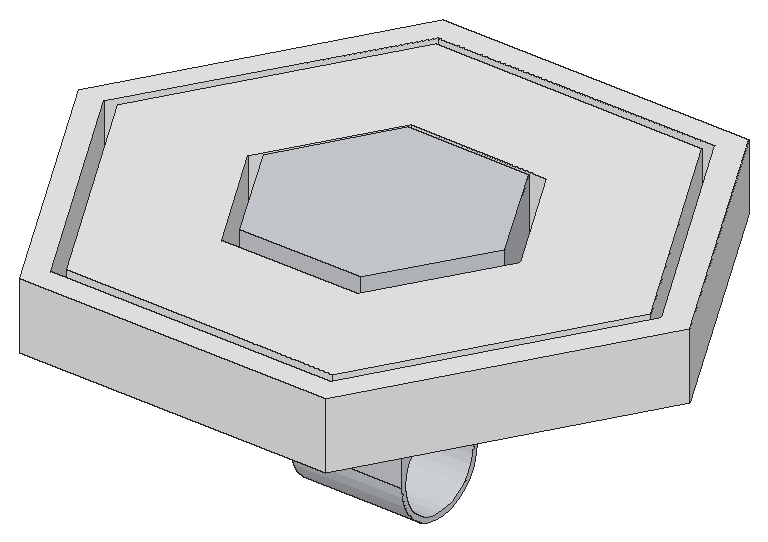
Revit family "Lighting-Industriale-GEWISS-ESALITE-HB-APPARECCHI-LED_6K_DALI", category Apparecchi per illuminazione, host Superficie, Revit 2019
Family settings
  Host = Superficie
  Quota connettore circolare = Usa diametro
  Tipo di parte = Normale
  Taglio con vuoti quando caricato = No
  Sorgente d'illuminazione = No
  Condiviso = No
  Punto di calcolo locali = Sì
Parameters (values of type "GWS6315GD57K - ESALITE 6K ELL.5700K PLAF.+V.GR.DALI")
  Versioni = "Luce fredda 5700K"
  Versione file RFA = "20.11"
  VISIBILITA' SIMBOLO [instance] = yes
  VISIBILITA' LAMPADA PIANTA [instance] = not(VISIBILITA' SIMBOLO)  # no
  VISIBILITA' ETICHETTA [instance] = yes
  V = 0 V
  URL = "https://www.gewiss.com/it/it"
  Tipo alimentatore = "Driver Led Dali"
  Tensione = "220/240 V - 50/60 Hz"
  Temperatura di utilizzo = "-30 +50 °C"
  Temperatura di colore: = "5700 K (CRI>80)"
  Spostamento_y_effettivo_ET [instance] = 4000 mm - Spostamento_y_ET  # 2119.2 mm
  Spostamento_y_ET [instance] = 1880.8 mm
  Spostamento_X_effettivo_ET [instance] = 4000 mm - Spostamento_X_ET  # 3850.612 mm
  Spostamento_X_ET [instance] = 149.388 mm
  Schermo = "Vetro temprato"
  Scheda Tecnica = "https://www.gewiss.com/it/it/search?q=GWS6315GD57K"
  SEO = "High bay"
  Resistenza alle sovratensioni : = "8KV in modalità comune; 6KV in modalità differenziale"
  Resistenza agli urti = "IK08"
  Default Elevation = 1219.2 mm
  Produttore = "GEWISS S.p.A."
  Potenza di sitema = "Wxxx"
  Potenza di sistema = "52W"
  Peso (kg): = "3,3"
  Ottica = "Ellittica"
  Numero poli = 1
  Modello = "GWS6315GD57K"
  Lumen output (lm) = "5800"
  Life time L90B10 (Tq 50Â°C) = "55000H"
  Life time L90B10 (Tq 25Â°C) = "100000H"
  Lampada: = "LED - Non sostituibile"
  Immagine tipo = ESALITE_HB.jpg
  IDT = "4d8779e2af08483e8a51b0a9ca884da2"
  IDF = "02b7e236-20be-48c9-b837-34258f636f9d"
  Grado di protezione = "IP66"
  Garanzia = "5 anni"
  Flusso nominale (lm) = "7200"
  Descrizione = "ESALITE 6K ELL.5700K PLAF.+V.GR.DALI"
  Creato da GEWISS S.p.A. = ""
  Corrente di pilotaggio. = "0,599999999999999A"
  Colore = "Grigio RAL 9006"
  Codice Electrocod = "2444"
  Classe isolamento = "I"
  Classe di efficienza LED integrati = "A ÷ A++"
  Catalogo Serie = "ESALITE HB - 6K"
  Catalogo = "LIGHTING"
  COBie.Tagnumber = ""
  COBie.CreatedOn = ""
  COBie.CreatebBy = ""
  COBie.ComponentRegisterItemID = ""
  COBie.Component.TagNumber = ""
  COBie.Component.Space = ""
  COBie.Component.SerialNumber = ""
  COBie.Component.InstallationDate = ""
  COBie.Component.Description = ""
  COBie.Component.BarCode = ""
  Applicazione = "Interno / Esterno"
Types (24, lengths in mm): name | Versioni | Temperatura di colore: | Schermo | Scheda Tecnica | Resistenza agli urti | Peso (kg): | Ottica | Modello | Lumen output (lm) | IDT | Grado di protezione | Flusso nominale (lm) | Descrizione | Applicazione
  GWS6012GD - ESALITE 6K 30° 4000K PLAF.GR.DALI | "Luce naturale 4000K" | "4000 K (CRI>80)" | "Plastico" | "https://www.gewiss.com/it/it/search?q=GWS6012GD" | "IK06" | "2,8" | "30°" | "GWS6012GD" | "6200" | "73c19028dbc94b82a348f0568c9a15e9" | "IP65" | "7200" | "ESALITE 6K 30° 4000K PLAF.GR.DALI" | "Interno"
  GWS6012GD30K - ESALITE 6K 30° 3000K PLAF.GR.DALI | "Luce calda 3000K" | "3000 K (CRI>80)" | "Plastico" | "https://www.gewiss.com/it/it/search?q=GWS6012GD30K" | "IK06" | "2,8" | "30°" | "GWS6012GD30K" | "5800" | "bea11751f73641328b7be69d8ca950c6" | "IP65" | "6700" | "ESALITE 6K 30° 3000K PLAF.GR.DALI" | "Interno"
  GWS6012GD57K - ESALITE 6K 30° 5700K PLAF.GR.DALI | "Luce fredda 5700K" | "5700 K (CRI>80)" | "Plastico" | "https://www.gewiss.com/it/it/search?q=GWS6012GD57K" | "IK06" | "2,8" | "30°" | "GWS6012GD57K" | "6200" | "e4cff4df486f4570b58f3775d36680ae" | "IP65" | "7200" | "ESALITE 6K 30° 5700K PLAF.GR.DALI" | "Interno"
  GWS6013GD - ESALITE 6K 60° 4000K PLAF.GR.DALI | "Luce naturale 4000K" | "4000 K (CRI>80)" | "Plastico" | "https://www.gewiss.com/it/it/search?q=GWS6013GD" | "IK06" | "2,8" | "60°" | "GWS6013GD" | "6400" | "9cd18d9bfe5e4924893e0f6398dc7e27" | "IP65" | "7200" | "ESALITE 6K 60° 4000K PLAF.GR.DALI" | "Interno"
  GWS6013GD30K - ESALITE 6K 60° 3000K PLAF.GR.DALI | "Luce calda 3000K" | "3000 K (CRI>80)" | "Plastico" | "https://www.gewiss.com/it/it/search?q=GWS6013GD30K" | "IK06" | "2,8" | "60°" | "GWS6013GD30K" | "5900" | "f608fa81827d4ff69e53b2c02cf3d2b9" | "IP65" | "6700" | "ESALITE 6K 60° 3000K PLAF.GR.DALI" | "Interno"
  GWS6013GD57K - ESALITE 6K 60° 5700K PLAF.GR.DALI | "Luce fredda 5700K" | "5700 K (CRI>80)" | "Plastico" | "https://www.gewiss.com/it/it/search?q=GWS6013GD57K" | "IK06" | "2,8" | "60°" | "GWS6013GD57K" | "6400" | "7afd021f4a324bc9b351ac7d542c4d59" | "IP65" | "7200" | "ESALITE 6K 60° 5700K PLAF.GR.DALI" | "Interno"
  GWS6014GD - ESALITE 6K 90° 4000K PLAF.GR.DALI | "Luce naturale 4000K" | "4000 K (CRI>80)" | "Plastico" | "https://www.gewiss.com/it/it/search?q=GWS6014GD" | "IK06" | "2,8" | "90°" | "GWS6014GD" | "6700" | "2c7c6ca793514eb68b4ea953368a1f5a" | "IP65" | "7200" | "ESALITE 6K 90° 4000K PLAF.GR.DALI" | "Interno"
  GWS6014GD30K - ESALITE 6K 90° 3000K PLAF.GR.DALI | "Luce calda 3000K" | "3000 K (CRI>80)" | "Plastico" | "https://www.gewiss.com/it/it/search?q=GWS6014GD30K" | "IK06" | "2,8" | "90°" | "GWS6014GD30K" | "6300" | "ad588380814d4b23b31fea01068ae0d5" | "IP65" | "6700" | "ESALITE 6K 90° 3000K PLAF.GR.DALI" | "Interno"
  GWS6014GD57K - ESALITE 6K 90° 5700K PLAF.GR.DALI | "Luce fredda 5700K" | "5700 K (CRI>80)" | "Plastico" | "https://www.gewiss.com/it/it/search?q=GWS6014GD57K" | "IK06" | "2,8" | "90°" | "GWS6014GD57K" | "6700" | "8c05374fbe064c3aa460c2f60d5248ee" | "IP65" | "7200" | "ESALITE 6K 90° 5700K PLAF.GR.DALI" | "Interno"
  GWS6015GD - ESALITE 6K ELL.4000K PLAF.GR.DALI | "Luce naturale 4000K" | "4000 K (CRI>80)" | "Plastico" | "https://www.gewiss.com/it/it/search?q=GWS6015GD" | "IK06" | "2,8" | "Ellittica" | "GWS6015GD" | "6400" | "f4fc882ed6ce46a39d865f8a7c775a86" | "IP65" | "7200" | "ESALITE 6K ELL.4000K PLAF.GR.DALI" | "Interno"
  GWS6015GD30K - ESALITE 6K ELL.3000K PLAF.GR.DALI | "Luce calda 3000K" | "3000 K (CRI>80)" | "Plastico" | "https://www.gewiss.com/it/it/search?q=GWS6015GD30K" | "IK06" | "2,8" | "Ellittica" | "GWS6015GD30K" | "5900" | "ace9b6457bf64c5b8e9d9a153b68026c" | "IP65" | "6700" | "ESALITE 6K ELL.3000K PLAF.GR.DALI" | "Interno"
  GWS6015GD57K - ESALITE 6K ELL.5700K PLAF.GR.DALI | "Luce fredda 5700K" | "5700 K (CRI>80)" | "Plastico" | "https://www.gewiss.com/it/it/search?q=GWS6015GD57K" | "IK06" | "2,8" | "Ellittica" | "GWS6015GD57K" | "6400" | "f1e39ffbad6b49d49f6aeeb9b99ad004" | "IP65" | "7200" | "ESALITE 6K ELL.5700K PLAF.GR.DALI" | "Interno"
  GWS6312GD - ESALITE 6K 30° 4000K PLAF.+V.GR.DALI | "Luce naturale 4000K" | "4000 K (CRI>80)" | "Vetro temprato" | "https://www.gewiss.com/it/it/search?q=GWS6312GD" | "IK08" | "3,3" | "30°" | "GWS6312GD" | "5700" | "b4a4b0c7fb7446b282317a2b86bf5921" | "IP66" | "7200" | "ESALITE 6K 30° 4000K PLAF.+V.GR.DALI" | "Interno / Esterno"
  GWS6312GD30K - ESALITE 6K 30° 3000K PLAF.+V.GR.DALI | "Luce calda 3000K" | "3000 K (CRI>80)" | "Vetro temprato" | "https://www.gewiss.com/it/it/search?q=GWS6312GD30K" | "IK08" | "3,3" | "30°" | "GWS6312GD30K" | "5300" | "7c9a42cc1972426194a584217ae262f4" | "IP66" | "6700" | "ESALITE 6K 30° 3000K PLAF.+V.GR.DALI" | "Interno / Esterno"
  GWS6312GD57K - ESALITE 6K 30° 5700K PLAF.+V.GR.DALI | "Luce fredda 5700K" | "5700 K (CRI>80)" | "Vetro temprato" | "https://www.gewiss.com/it/it/search?q=GWS6312GD57K" | "IK08" | "3,3" | "30°" | "GWS6312GD57K" | "5700" | "3b20571346f94faca0de53346e886aa6" | "IP66" | "7200" | "ESALITE 6K 30° 5700K PLAF.+V.GR.DALI" | "Interno / Esterno"
  GWS6313GD - ESALITE 6K 60° 4000K PLAF.+V.GR.DALI | "Luce naturale 4000K" | "4000 K (CRI>80)" | "Vetro temprato" | "https://www.gewiss.com/it/it/search?q=GWS6313GD" | "IK08" | "3,3" | "60°" | "GWS6313GD" | "5800" | "02692419c308444ca1a6fc587d6ce551" | "IP66" | "7200" | "ESALITE 6K 60° 4000K PLAF.+V.GR.DALI" | "Interno / Esterno"
  GWS6313GD30K - ESALITE 6K 60° 3000K PLAF.+V.GR.DALI | "Luce calda 3000K" | "3000 K (CRI>80)" | "Vetro temprato" | "https://www.gewiss.com/it/it/search?q=GWS6313GD30K" | "IK08" | "3,3" | "60°" | "GWS6313GD30K" | "5400" | "b1a6307acd3e4e2789469d5a20cf6364" | "IP66" | "6700" | "ESALITE 6K 60° 3000K PLAF.+V.GR.DALI" | "Interno / Esterno"
  GWS6313GD57K - ESALITE 6K 60° 5700K PLAF.+V.GR.DALI | "Luce fredda 5700K" | "5700 K (CRI>80)" | "Vetro temprato" | "https://www.gewiss.com/it/it/search?q=GWS6313GD57K" | "IK08" | "3,3" | "60°" | "GWS6313GD57K" | "5800" | "c0a306202654472ca12fb25180d2e505" | "IP66" | "7200" | "ESALITE 6K 60° 5700K PLAF.+V.GR.DALI" | "Interno / Esterno"
  GWS6314GD - ESALITE 6K 90° 4000K PLAF.+V.GR.DALI | "Luce naturale 4000K" | "4000 K (CRI>80)" | "Vetro temprato" | "https://www.gewiss.com/it/it/search?q=GWS6314GD" | "IK08" | "3,3" | "90°" | "GWS6314GD" | "6200" | "09a6e31462824c5fb0901eaf141b1a32" | "IP66" | "7200" | "ESALITE 6K 90° 4000K PLAF.+V.GR.DALI" | "Interno / Esterno"
  GWS6314GD30K - ESALITE 6K 90° 3000K PLAF.+V.GR.DALI | "Luce calda 3000K" | "3000 K (CRI>80)" | "Vetro temprato" | "https://www.gewiss.com/it/it/search?q=GWS6314GD30K" | "IK08" | "3,3" | "90°" | "GWS6314GD30K" | "5800" | "00359801d5ff4ecaaffd207533b30f8e" | "IP66" | "6700" | "ESALITE 6K 90° 3000K PLAF.+V.GR.DALI" | "Interno / Esterno"
  GWS6314GD57K - ESALITE 6K 90° 5700K PLAF.+V.GR.DALI | "Luce fredda 5700K" | "5700 K (CRI>80)" | "Vetro temprato" | "https://www.gewiss.com/it/it/search?q=GWS6314GD57K" | "IK08" | "3,3" | "90°" | "GWS6314GD57K" | "6200" | "230ddf7f009346bab518bc119de9083b" | "IP66" | "7200" | "ESALITE 6K 90° 5700K PLAF.+V.GR.DALI" | "Interno / Esterno"
  GWS6315GD - ESALITE 6K ELL.4000K PLAF.+V.GR.DALI | "Luce naturale 4000K" | "4000 K (CRI>80)" | "Vetro temprato" | "https://www.gewiss.com/it/it/search?q=GWS6315GD" | "IK08" | "3,3" | "Ellittica" | "GWS6315GD" | "5800" | "6b1e3e5d26b54aec9de38812bbbac03b" | "IP66" | "7200" | "ESALITE 6K ELL.4000K PLAF.+V.GR.DALI" | "Interno / Esterno"
  GWS6315GD30K - ESALITE 6K ELL.3000K PLAF.+V.GR.DALI | "Luce calda 3000K" | "3000 K (CRI>80)" | "Vetro temprato" | "https://www.gewiss.com/it/it/search?q=GWS6315GD30K" | "IK08" | "3,3" | "Ellittica" | "GWS6315GD30K" | "5400" | "3334147de7874e6dac192efd07e69444" | "IP66" | "6700" | "ESALITE 6K ELL.3000K PLAF.+V.GR.DALI" | "Interno / Esterno"
  GWS6315GD57K - ESALITE 6K ELL.5700K PLAF.+V.GR.DALI | "Luce fredda 5700K" | "5700 K (CRI>80)" | "Vetro temprato" | "https://www.gewiss.com/it/it/search?q=GWS6315GD57K" | "IK08" | "3,3" | "Ellittica" | "GWS6315GD57K" | "5800" | "4d8779e2af08483e8a51b0a9ca884da2" | "IP66" | "7200" | "ESALITE 6K ELL.5700K PLAF.+V.GR.DALI" | "Interno / Esterno"
Reference planes
  plane 1 "Centro (Fronte/Retro)": y = 0
  plane 2: z = 0
  plane 3 "Centro (Sinistra/Destra)": x = 0
  plane 4: z = 123
  plane 5: x = 0
  plane 6: x = -3850.612
  plane 7: y = -2119.2
  plane 8: y = 0
  plane 9: through (-1779.2, -702.001, 1219.2) normal (0.4695, 0.8829, 0)
  plane 10: through (203.705, -1575.119, 1219.2) normal (-0.866, 0.5, 0)
Lines and regions (mm)
  Masking region 1, visible <- "VISIBILITA' LAMPADA PIANTA", detail levels coarse
    outline origin (0, 0, 0) x (1, 0, 0) y (0, 1, 0)
      loop
        line (-72.712, 126.226) -> (-145.481, 0.185) -> (-72.712, -125.856) -> (72.828, -125.856) -> (145.598, 0.185) -> (72.828, 126.226) -> (-72.712, 126.226)
      loop
        line (28.409, 49.29) -> (-28.293, 49.29) -> (-56.644, 0.185) -> (-28.293, -48.92) -> (28.409, -48.92) -> (56.76, 0.185) -> (28.409, 49.29)
  symbolic lines, visible <- "VISIBILITA' LAMPADA PIANTA"
    curve 1: line (-119.11, 0.185, 0) -> (-59.526, 103.387, 0)
    curve 2: line (-59.526, -103.017, 0) -> (-119.11, 0.185, 0)
    curve 3: line (59.642, -103.017, 0) -> (-59.526, -103.017, 0)
    curve 4: line (119.226, 0.185, 0) -> (59.642, -103.017, 0)
    curve 5: line (59.642, 103.387, 0) -> (119.226, 0.185, 0)
    curve 6: line (-130.677, -0.815, 0) -> (-66.175, -112.535, 0)
    curve 7: line (-66.175, -112.535, 0) -> (65.138, -112.535, 0)
    curve 8: line (-130.677, -0.815, 0) -> (-65.021, 112.905, 0)
    curve 9: line (-65.021, 112.905, 0) -> (65.136, 112.905, 0)
    curve 10: line (130.216, 0.184, 0) -> (65.136, 112.905, 0)
    curve 11: line (-59.526, 103.387, 0) -> (59.642, 103.387, 0)
    curve 12: line (65.138, -112.535, 0) -> (130.216, 0.184, 0)
    curve 13: arc (-42.371, 48.747, 0) -> (-51.904, 58.28, 0) -> (-61.437, 48.747, 0) r 9.533
    curve 14: arc (-61.437, 48.747, 0) -> (-51.904, 39.214, 0) -> (-42.371, 48.747, 0) r 9.533
    curve 15: arc (-58.446, 20.905, 0) -> (-67.979, 30.438, 0) -> (-77.512, 20.905, 0) r 9.533
    curve 16: arc (-77.512, 20.905, 0) -> (-67.979, 11.372, 0) -> (-58.446, 20.905, 0) r 9.533
    curve 17: arc (-85.975, 44.352, 0) -> (-76.442, 34.819, 0) -> (-66.909, 44.352, 0) r 9.533
    curve 18: arc (-66.909, 44.352, 0) -> (-76.442, 53.885, 0) -> (-85.975, 44.352, 0) r 9.533
    curve 19: arc (-82.984, 16.51, 0) -> (-92.517, 26.043, 0) -> (-102.05, 16.51, 0) r 9.533
    curve 20: arc (-102.05, 16.51, 0) -> (-92.517, 6.977, 0) -> (-82.984, 16.51, 0) r 9.533
    curve 21: arc (-69.9, 72.195, 0) -> (-60.367, 62.662, 0) -> (-50.834, 72.195, 0) r 9.533
    curve 22: arc (-50.834, 72.195, 0) -> (-60.367, 81.728, 0) -> (-69.9, 72.195, 0) r 9.533
    curve 23: arc (42.371, 48.747, 0) -> (51.904, 58.28, 0) -> (61.437, 48.747, 0) r 9.533
    curve 24: arc (61.437, 48.747, 0) -> (51.904, 39.214, 0) -> (42.371, 48.747, 0) r 9.533
    curve 25: arc (58.446, 20.905, 0) -> (67.979, 30.438, 0) -> (77.512, 20.905, 0) r 9.533
    curve 26: arc (77.512, 20.905, 0) -> (67.979, 11.372, 0) -> (58.446, 20.905, 0) r 9.533
    curve 27: arc (85.975, 44.352, 0) -> (76.442, 34.819, 0) -> (66.909, 44.352, 0) r 9.533
    curve 28: arc (66.909, 44.352, 0) -> (76.442, 53.885, 0) -> (85.975, 44.352, 0) r 9.533
    curve 29: arc (82.984, 16.51, 0) -> (92.517, 26.043, 0) -> (102.05, 16.51, 0) r 9.533
    curve 30: arc (102.05, 16.51, 0) -> (92.517, 6.977, 0) -> (82.984, 16.51, 0) r 9.533
    curve 31: arc (69.9, 72.195, 0) -> (60.367, 62.662, 0) -> (50.834, 72.195, 0) r 9.533
    curve 32: arc (50.834, 72.195, 0) -> (60.367, 81.728, 0) -> (69.9, 72.195, 0) r 9.533
    curve 33: arc (-41.625, 88.52, 0) -> (-32.092, 78.987, 0) -> (-22.559, 88.52, 0) r 9.533
    curve 34: arc (-22.559, 88.52, 0) -> (-32.092, 98.053, 0) -> (-41.625, 88.52, 0) r 9.533
    curve 35: arc (-6.484, 69.467, 0) -> (-16.017, 79, 0) -> (-25.55, 69.467, 0) r 9.533
    curve 36: arc (-25.55, 69.467, 0) -> (-16.017, 59.934, 0) -> (-6.484, 69.467, 0) r 9.533
    curve 37: arc (-9.475, 88.52, 0) -> (0.058, 78.987, 0) -> (9.591, 88.52, 0) r 9.533
    curve 38: arc (9.591, 88.52, 0) -> (0.058, 98.053, 0) -> (-9.475, 88.52, 0) r 9.533
    curve 39: arc (25.666, 69.467, 0) -> (16.133, 79, 0) -> (6.6, 69.467, 0) r 9.533
    curve 40: arc (6.6, 69.467, 0) -> (16.133, 59.934, 0) -> (25.666, 69.467, 0) r 9.533
    curve 41: arc (22.675, 88.52, 0) -> (32.208, 78.987, 0) -> (41.741, 88.52, 0) r 9.533
    curve 42: arc (41.741, 88.52, 0) -> (32.208, 98.053, 0) -> (22.675, 88.52, 0) r 9.533
    curve 43: arc (-41.625, -88.52, 0) -> (-32.092, -78.987, 0) -> (-22.559, -88.52, 0) r 9.533
    curve 44: arc (-22.559, -88.52, 0) -> (-32.092, -98.053, 0) -> (-41.625, -88.52, 0) r 9.533
    curve 45: arc (-6.484, -69.467, 0) -> (-16.017, -79, 0) -> (-25.55, -69.467, 0) r 9.533
    curve 46: arc (-25.55, -69.467, 0) -> (-16.017, -59.934, 0) -> (-6.484, -69.467, 0) r 9.533
    curve 47: arc (-9.475, -88.52, 0) -> (0.058, -78.987, 0) -> (9.591, -88.52, 0) r 9.533
    curve 48: arc (9.591, -88.52, 0) -> (0.058, -98.053, 0) -> (-9.475, -88.52, 0) r 9.533
    curve 49: arc (25.666, -69.467, 0) -> (16.133, -79, 0) -> (6.6, -69.467, 0) r 9.533
    curve 50: arc (6.6, -69.467, 0) -> (16.133, -59.934, 0) -> (25.666, -69.467, 0) r 9.533
    curve 51: arc (22.675, -88.52, 0) -> (32.208, -78.987, 0) -> (41.741, -88.52, 0) r 9.533
    curve 52: arc (41.741, -88.52, 0) -> (32.208, -98.053, 0) -> (22.675, -88.52, 0) r 9.533
    curve 53: line (59.642, -103.387, 0) -> (119.226, -0.185, 0)
    curve 54: line (130.216, -0.184, 0) -> (65.136, -112.905, 0)
    curve 55: arc (-42.371, -48.747, 0) -> (-51.904, -58.28, 0) -> (-61.437, -48.747, 0) r 9.533
    curve 56: arc (-61.437, -48.747, 0) -> (-51.904, -39.214, 0) -> (-42.371, -48.747, 0) r 9.533
    curve 57: arc (-58.446, -20.905, 0) -> (-67.979, -30.438, 0) -> (-77.512, -20.905, 0) r 9.533
    curve 58: arc (-77.512, -20.905, 0) -> (-67.979, -11.372, 0) -> (-58.446, -20.905, 0) r 9.533
    curve 59: arc (-85.975, -44.352, 0) -> (-76.442, -34.819, 0) -> (-66.909, -44.352, 0) r 9.533
    curve 60: arc (-66.909, -44.352, 0) -> (-76.442, -53.885, 0) -> (-85.975, -44.352, 0) r 9.533
    curve 61: arc (-82.984, -16.51, 0) -> (-92.517, -26.043, 0) -> (-102.05, -16.51, 0) r 9.533
    curve 62: arc (-102.05, -16.51, 0) -> (-92.517, -6.977, 0) -> (-82.984, -16.51, 0) r 9.533
    curve 63: arc (-69.9, -72.195, 0) -> (-60.367, -62.662, 0) -> (-50.834, -72.195, 0) r 9.533
    curve 64: arc (-50.834, -72.195, 0) -> (-60.367, -81.728, 0) -> (-69.9, -72.195, 0) r 9.533
    curve 65: arc (42.371, -48.747, 0) -> (51.904, -58.28, 0) -> (61.437, -48.747, 0) r 9.533
    curve 66: arc (61.437, -48.747, 0) -> (51.904, -39.214, 0) -> (42.371, -48.747, 0) r 9.533
    curve 67: arc (58.446, -20.905, 0) -> (67.979, -30.438, 0) -> (77.512, -20.905, 0) r 9.533
    curve 68: arc (77.512, -20.905, 0) -> (67.979, -11.372, 0) -> (58.446, -20.905, 0) r 9.533
    curve 69: arc (85.975, -44.352, 0) -> (76.442, -34.819, 0) -> (66.909, -44.352, 0) r 9.533
    curve 70: arc (66.909, -44.352, 0) -> (76.442, -53.885, 0) -> (85.975, -44.352, 0) r 9.533
    curve 71: arc (82.984, -16.51, 0) -> (92.517, -26.043, 0) -> (102.05, -16.51, 0) r 9.533
    curve 72: arc (102.05, -16.51, 0) -> (92.517, -6.977, 0) -> (82.984, -16.51, 0) r 9.533
    curve 73: arc (69.9, -72.195, 0) -> (60.367, -62.662, 0) -> (50.834, -72.195, 0) r 9.533
    curve 74: arc (50.834, -72.195, 0) -> (60.367, -81.728, 0) -> (69.9, -72.195, 0) r 9.533
    curve 75: line (0, -124.529, 121.346) -> (0, 123.553, 121.346)
    curve 76: line (0, -124.529, 90.346) -> (0, -124.529, 121.346)
    curve 77: line (0, 123.553, 90.346) -> (0, -124.529, 90.346)
    curve 78: line (0, 123.553, 121.346) -> (0, 123.553, 90.346)
    curve 79: line (0, -49.593, 90.346) -> (0, 48.617, 90.346)
    curve 80: line (0, -49.593, 56.346) -> (0, -49.593, 90.346)
    curve 81: line (0, 48.617, 56.346) -> (0, -49.593, 56.346)
    curve 82: line (0, 48.617, 90.346) -> (0, 48.617, 56.346)
    curve 83: line (0, -22.673, 56.346) -> (0, -22.673, 22.757)
    curve 84: line (0, 21.327, 22.757) -> (0, 21.327, 56.346)
    curve 85: arc (0, -22.673, 22.757) -> (0, -0.673, 0.757) -> (0, 21.327, 22.757) r 22
    curve 86: arc (0, -20.673, 22.757) -> (0, -0.673, 42.757) -> (0, 19.327, 22.757) r 20
    curve 87: arc (0, 19.327, 22.757) -> (0, -0.673, 2.757) -> (0, -20.673, 22.757) r 20
    curve 101: line (-143.172, 0, 118.589) -> (143.288, 0, 118.589)
    curve 102: line (-143.172, 0, 87.589) -> (-143.172, 0, 118.589)
    curve 103: line (143.288, 0, 87.589) -> (-143.172, 0, 87.589)
    curve 104: line (143.288, 0, 118.589) -> (143.288, 0, 87.589)
    curve 105: line (-56.644, 0, 87.589) -> (56.76, 0, 87.589)
    curve 106: line (-56.644, 0, 53.589) -> (-56.644, 0, 87.589)
    curve 107: line (56.76, 0, 53.589) -> (-56.644, 0, 53.589)
    curve 108: line (56.76, 0, 87.589) -> (56.76, 0, 53.589)
    curve 109: line (-28.293, 0, 53.589) -> (26.009, 0, 53.589)
    curve 110: line (-28.293, 0, 0) -> (-28.293, 0, 53.589)
    curve 111: line (26.009, 0, 0) -> (-28.293, 0, 0)
    curve 112: line (26.009, 0, 53.589) -> (26.009, 0, 0)
  symbolic lines, visible <- "VISIBILITA' LAMPADA PIANTA", not visible
    curve 88: line (0, -302.901, 298.372) -> (0, -54.819, 298.372)
    curve 89: line (0, -302.901, 267.372) -> (0, -302.901, 298.372)
    curve 90: line (0, -54.819, 267.372) -> (0, -302.901, 267.372)
    curve 91: line (0, -54.819, 298.372) -> (0, -54.819, 267.372)
    curve 92: line (0, -227.965, 267.372) -> (0, -129.755, 267.372)
    curve 93: line (0, -227.965, 233.372) -> (0, -227.965, 267.372)
    curve 94: line (0, -129.755, 233.372) -> (0, -227.965, 233.372)
    curve 95: line (0, -129.755, 267.372) -> (0, -129.755, 233.372)
    curve 96: line (0, -201.045, 233.372) -> (0, -201.045, 199.783)
    curve 97: line (0, -157.045, 199.783) -> (0, -157.045, 233.372)
    curve 98: arc (0, -201.045, 199.783) -> (0, -179.045, 177.783) -> (0, -157.045, 199.783) r 22
    curve 99: arc (0, -199.045, 199.783) -> (0, -179.045, 219.783) -> (0, -159.045, 199.783) r 20
    curve 100: arc (0, -159.045, 199.783) -> (0, -179.045, 179.783) -> (0, -199.045, 199.783) r 20
    curve 113: line (137.075, 0, 294.646) -> (423.535, 0, 294.646)
    curve 114: line (137.075, 0, 263.646) -> (137.075, 0, 294.646)
    curve 115: line (423.535, 0, 263.646) -> (137.075, 0, 263.646)
    curve 116: line (423.535, 0, 294.646) -> (423.535, 0, 263.646)
    curve 117: line (223.603, 0, 263.646) -> (337.007, 0, 263.646)
    curve 118: line (223.603, 0, 229.646) -> (223.603, 0, 263.646)
    curve 119: line (337.007, 0, 229.646) -> (223.603, 0, 229.646)
    curve 120: line (337.007, 0, 263.646) -> (337.007, 0, 229.646)
    curve 121: line (251.954, 0, 229.646) -> (306.255, 0, 229.646)
    curve 122: line (251.954, 0, 176.057) -> (251.954, 0, 229.646)
    curve 123: line (306.255, 0, 176.057) -> (251.954, 0, 176.057)
    curve 124: line (306.255, 0, 229.646) -> (306.255, 0, 176.057)
Text (mm)
  text "B-A=C" at (-2005.323, -1167.131, 0), in view "Livello rif."
  text "D+A-C=B" at (1746.792, 582.509, 0), in view "Livello rif."
Dimensions and locks
  "Spostamento_X_effettivo_ET": plane 6 to plane 5
  plane 6 to plane 3 "Centro (Sinistra/Destra)" = 3850.612 mm
  "Spostamento_y_effettivo_ET": plane 8 to plane 7
  plane 1 "Centro (Fronte/Retro)" to plane 7 = 2119.2 mm
  angle plane 9 to plane 7 = 28.00°
  angle plane 7 to plane 6 = 90.00°
  aligned and locked: plane 2 to host face
  aligned and locked: level to host face
  aligned and locked: plane 3 "Centro (Sinistra/Destra)" to nested 1
  aligned and locked: plane 1 "Centro (Fronte/Retro)" to nested 1
  aligned and locked: plane 5 to nested 2
  aligned and locked: nested 2 to plane 8
Automatic sketch dimensions
  host sketch curve to host sketch curve = 2438.4 mm  (x2)
  Masking region 1 sketch curve to plane 1 "Centro (Fronte/Retro)" = 0.185 mm  (x4)
  Masking region 1 sketch curve to plane 3 "Centro (Sinistra/Destra)" = 145.481 mm
  Masking region 1 sketch curve to plane 3 "Centro (Sinistra/Destra)" = 72.712 mm  (x2)
  Masking region 1 sketch curve to plane 3 "Centro (Sinistra/Destra)" = 56.644 mm
  Masking region 1 sketch curve to plane 3 "Centro (Sinistra/Destra)" = 28.293 mm  (x2)
  plane 3 "Centro (Sinistra/Destra)" to Masking region 1 sketch curve = 28.409 mm  (x2)
  Masking region 1 sketch curve to Masking region 1 sketch curve = 28.351 mm
  plane 3 "Centro (Sinistra/Destra)" to Masking region 1 sketch curve = 72.828 mm  (x2)
  Masking region 1 sketch curve to Masking region 1 sketch curve = 88.838 mm
  plane 1 "Centro (Fronte/Retro)" to Masking region 1 sketch curve = 48.92 mm
  Masking region 1 sketch curve to Masking region 1 sketch curve = 76.936 mm  (x2)
  Masking region 1 sketch curve to plane 1 "Centro (Fronte/Retro)" = 49.29 mm
  curve 13 to curve 14 = 0 mm  (x2)
  curve 15 to curve 16 = 0 mm  (x2)
  curve 17 to curve 18 = 0 mm  (x2)
  curve 19 to curve 20 = 0 mm  (x2)
  curve 21 to curve 22 = 0 mm  (x2)
  curve 23 to curve 24 = 0 mm  (x2)
  curve 25 to curve 26 = 0 mm  (x2)
  curve 27 to curve 28 = 0 mm  (x2)
  curve 29 to curve 30 = 0 mm  (x2)
  curve 31 to curve 32 = 0 mm  (x2)
  curve 33 to curve 34 = 0 mm  (x2)
  curve 35 to curve 36 = 0 mm  (x2)
  curve 37 to curve 38 = 0 mm  (x2)
  curve 39 to curve 40 = 0 mm  (x2)
  curve 41 to curve 42 = 0 mm  (x2)
  curve 43 to curve 44 = 0 mm  (x2)
  curve 45 to curve 46 = 0 mm  (x2)
  curve 47 to curve 48 = 0 mm  (x2)
  curve 49 to curve 50 = 0 mm  (x2)
  curve 51 to curve 52 = 0 mm  (x2)
  curve 55 to curve 56 = 0 mm  (x2)
  curve 57 to curve 58 = 0 mm  (x2)
  curve 59 to curve 60 = 0 mm  (x2)
  curve 61 to curve 62 = 0 mm  (x2)
  curve 63 to curve 64 = 0 mm  (x2)
  curve 65 to curve 66 = 0 mm  (x2)
  curve 67 to curve 68 = 0 mm  (x2)
  curve 69 to curve 70 = 0 mm  (x2)
  curve 71 to curve 72 = 0 mm  (x2)
  curve 73 to curve 74 = 0 mm  (x2)
  plane 1 "Centro (Fronte/Retro)" to curve 8 = 0.815 mm
  curve 8 to plane 3 "Centro (Sinistra/Destra)" = 130.677 mm
  curve 2 to plane 1 "Centro (Fronte/Retro)" = 0.185 mm
  curve 6 to curve 2 = 11.567 mm
  curve 1 to curve 62 = 26.593 mm
  curve 1 to curve 20 = 26.593 mm
  curve 19 to curve 18 = 16.075 mm
  curve 62 to curve 60 = 16.075 mm
  curve 19 to curve 16 = 24.537 mm
  curve 62 to curve 57 = 24.537 mm
  curve 7 to plane 3 "Centro (Sinistra/Destra)" = 66.175 mm
  curve 8 to plane 3 "Centro (Sinistra/Destra)" = 65.021 mm
  curve 17 to curve 21 = 16.075 mm
  curve 59 to curve 64 = 16.075 mm
  curve 8 to curve 1 = 5.495 mm
  curve 6 to curve 3 = 6.65 mm
  curve 59 to curve 56 = 24.537 mm
  curve 17 to curve 13 = 24.537 mm
  curve 1 to curve 34 = 27.434 mm
  curve 2 to curve 43 = 27.434 mm
  curve 36 to plane 3 "Centro (Sinistra/Destra)" = 16.017 mm
  curve 46 to plane 3 "Centro (Sinistra/Destra)" = 16.017 mm
  plane 3 "Centro (Sinistra/Destra)" to curve 37 = 0.058 mm
  plane 3 "Centro (Sinistra/Destra)" to curve 47 = 0.058 mm
  plane 3 "Centro (Sinistra/Destra)" to curve 49 = 16.133 mm
  plane 3 "Centro (Sinistra/Destra)" to curve 39 = 16.133 mm
  curve 49 to curve 51 = 16.075 mm
  curve 39 to curve 42 = 16.075 mm
  curve 39 to curve 23 = 35.771 mm
  curve 49 to curve 65 = 35.771 mm
  curve 51 to curve 4 = 27.434 mm
  curve 41 to curve 5 = 27.434 mm
  curve 66 to curve 73 = 8.463 mm
  curve 23 to curve 31 = 8.463 mm
  curve 5 to curve 10 = 5.494 mm
  curve 3 to curve 7 = 5.496 mm
  curve 23 to curve 25 = 16.075 mm
  curve 65 to curve 67 = 16.075 mm
  curve 23 to curve 28 = 24.537 mm
  curve 65 to curve 69 = 24.537 mm
  curve 25 to curve 30 = 24.537 mm
  curve 67 to curve 71 = 24.537 mm
  curve 4 to plane 1 "Centro (Fronte/Retro)" = 0.185 mm
  curve 29 to curve 4 = 26.709 mm
  curve 12 to plane 1 "Centro (Fronte/Retro)" = 0.184 mm
  curve 4 to curve 12 = 10.99 mm
  plane 1 "Centro (Fronte/Retro)" to curve 72 = 16.51 mm
  plane 1 "Centro (Fronte/Retro)" to curve 61 = 16.51 mm
  curve 58 to curve 61 = 4.395 mm
  curve 67 to curve 71 = 4.395 mm
  curve 69 to curve 68 = 23.448 mm
  curve 60 to curve 58 = 23.448 mm
  curve 56 to curve 60 = 4.395 mm
  curve 66 to curve 70 = 4.395 mm
  curve 46 to curve 55 = 20.72 mm
  curve 45 to curve 50 = 0 mm
  curve 64 to curve 56 = 23.448 mm
  curve 73 to curve 66 = 23.448 mm
  curve 51 to curve 49 = 19.053 mm
  curve 48 to curve 50 = 19.053 mm
  curve 43 to curve 46 = 19.053 mm
  curve 3 to curve 52 = 14.498 mm
  curve 12 to curve 3 = 9.517 mm
  curve 19 to plane 1 "Centro (Fronte/Retro)" = 16.51 mm
  curve 29 to plane 1 "Centro (Fronte/Retro)" = 16.51 mm
  curve 19 to curve 15 = 4.395 mm
  curve 29 to curve 25 = 4.395 mm
  curve 16 to curve 17 = 23.448 mm
  curve 25 to curve 27 = 23.448 mm
  curve 18 to curve 14 = 4.395 mm
  curve 28 to curve 24 = 4.395 mm
  curve 13 to curve 36 = 20.72 mm
  curve 35 to curve 39 = 0 mm
  curve 14 to curve 22 = 23.448 mm
  curve 23 to curve 31 = 23.448 mm
  curve 36 to curve 33 = 19.053 mm
  curve 40 to curve 37 = 19.053 mm
  curve 39 to curve 41 = 19.053 mm
  curve 33 to curve 11 = 14.868 mm
  curve 5 to curve 9 = 9.517 mm
  curve 20 to curve 19 = 9.533 mm
  curve 61 to curve 61 = 9.533 mm
  curve 60 to curve 59 = 9.533 mm
  curve 18 to curve 17 = 9.533 mm
  curve 61 to curve 57 = 5.471 mm
  curve 19 to curve 15 = 5.471 mm
  curve 63 to curve 63 = 9.533 mm
  curve 22 to curve 21 = 9.533 mm
  curve 18 to curve 13 = 5.471 mm
  curve 60 to curve 55 = 5.471 mm
  curve 33 to curve 33 = 9.533 mm
  curve 44 to curve 43 = 9.533 mm
  curve 36 to curve 35 = 9.533 mm
  curve 45 to curve 45 = 9.533 mm
  curve 48 to plane 3 "Centro (Sinistra/Destra)" = 9.475 mm
  curve 38 to plane 3 "Centro (Sinistra/Destra)" = 9.475 mm
  plane 3 "Centro (Sinistra/Destra)" to curve 50 = 6.6 mm
  plane 3 "Centro (Sinistra/Destra)" to curve 40 = 6.6 mm
  curve 42 to curve 41 = 9.533 mm
  curve 51 to curve 51 = 9.533 mm
  curve 66 to curve 65 = 9.533 mm
  curve 23 to curve 23 = 9.533 mm
  curve 32 to curve 31 = 9.533 mm
  curve 74 to curve 73 = 9.533 mm
  curve 67 to curve 67 = 9.533 mm
  curve 25 to curve 25 = 9.533 mm
  curve 3 to curve 53 = 0 mm
  curve 54 to curve 7 = 0.001 mm
  curve 24 to curve 28 = 5.471 mm
  curve 65 to curve 69 = 5.471 mm
  curve 26 to curve 29 = 5.471 mm
  curve 67 to curve 72 = 5.471 mm
  plane 1 "Centro (Fronte/Retro)" to curve 53 = 0.185 mm
  curve 53 to curve 4 = 0 mm
  plane 1 "Centro (Fronte/Retro)" to curve 54 = 0.184 mm
  curve 54 to curve 10 = 0 mm
  curve 53 to curve 3 = 0.37 mm
  curve 54 to curve 7 = 0.37 mm
Nested families
  nested 1: "xESALITE HB 6k SOSPENSIONE_base" at (0, 0, 0), type "Tipo 1"
  nested 2: "etichetta Potenza Lampada" at (0, 0, 0), visible <- "VISIBILITA' ETICHETTA", type "etichetta Potenza Lampada"
  nested 3: "esalight hb simb" at (0, 0, 0), visible <- "VISIBILITA' SIMBOLO", type "esalight hb simb"
  nested 4: "esalight hb simb" at (0, 0, 89) x (1, 0, 0) z (0, -1, 0), visible <- "VISIBILITA' SIMBOLO", type "esalight hb simb"
  nested 5: "esalight hb simb" at (0, 0, 89) x (0, 1, 0) z (1, 0, 0), visible <- "VISIBILITA' SIMBOLO", type "esalight hb simb"
Definition of nested family "xESALITE HB 6k SOSPENSIONE_base"
  Parameters (values of type "Tipo 1")
    V = 0 V
    Schermatura interna = none
    Numero poli = 1
    LED = none
    H_LIGHT = 32.111 mm
    Corpo luce = none
    AA = 21.411 mm
  Reference planes
    plane 1 "Centro (Fronte/Retro)": y = 0
    plane 2: z = 0
    plane 3 "Centro (Sinistra/Destra)": x = 0
    plane 4: x = -145.163
    plane 5: x = 145.28
    plane 6: y = 126.226
    plane 7: y = -125.856
    plane 8: y = 55.469
    plane 9: y = -55.099
    plane 10: x = -63.671
    plane 11: x = 63.788
    plane 12: through (-72.712, 126.226, 1200) normal (0.866, -0.5, 0)
    plane 13: through (-145.481, 0.185, 1200) normal (0.866, 0.5, 0)
    plane 14: through (72.828, -125.856, 1200) normal (-0.866, 0.5, 0)
    plane 15: through (145.598, 0.185, 1200) normal (-0.866, -0.5, 0)
    plane 16: through (-143.172, 0.185, 1200) normal (-0.866, 0.5, 0)
    plane 17: through (-71.556, -123.856, 1200) normal (-0.866, -0.5, 0)
    plane 18: y = -123.856
    plane 19: through (71.674, -123.856, 1200) normal (-0.866, 0.5, 0)
    plane 20: through (71.673, 124.226, 1200) normal (0.866, 0.5, 0)
    plane 21: y = 124.226
    plane 22: through (-66.464, 110.406, 1200) normal (0.866, -0.5, 0)
    plane 23: through (-67.33, -110.535, 1200) normal (-0.866, -0.5, 0)
    plane 24: y = -112.535
    plane 25: through (128.773, -2.315, 1200) normal (0.866, -0.5, 0)
    plane 26: through (66.58, 110.405, 1200) normal (0.866, 0.5, 0)
    plane 27: y = 112.905
    plane 28: z = 123
    plane 29: z = 120
    plane 30: y = -22
    plane 31: y = 22
    plane 32: z = 55
    plane 33: z = 21.411
    plane 34: z = 129
    plane 35: z = 89
    plane 36: through (-62.99, 107.388, 1200) normal (0.866, -0.5, 0)
    plane 37: through (-62.99, -107.018, 1200) normal (-0.866, -0.5, 0)
    plane 38: y = -108.017
    plane 39: through (124.422, -0.815, 1200) normal (0.866, -0.5, 0)
    plane 40: through (63.106, 107.388, 1200) normal (0.866, 0.5, 0)
    plane 41: y = 108.387
    plane 42: through (-28.293, 49.29, 1200) normal (0.866, -0.5, 0)
    plane 43: y = 49.29
    plane 44: through (28.409, 49.29, 1200) normal (0.866, 0.5, 0)
    plane 45: through (28.409, -48.92, 1200) normal (-0.866, 0.5, 0)
    plane 46: y = -48.92
    plane 47: through (-56.644, 0.185, 1200) normal (0.866, 0.5, 0)
    plane 48: through (-31.86, 55.469, 1200) normal (0.866, -0.5, 0)
    plane 49: through (-63.778, 0.185, 1200) normal (0.866, 0.5, 0)
    plane 50: y = -55.099
    plane 51: through (63.894, 0.185, 1200) normal (0.866, -0.5, 0)
    plane 52: through (63.894, 0.185, 1200) normal (-0.866, -0.5, 0)
    plane 53: y = 55.469
    plane 54: z = 109.439
    plane 55: through (-65.51, 1.185, 1200) normal (-0.866, 0.5, 0)
    plane 56: through (-33.592, -56.099, 1200) normal (-0.866, -0.5, 0)
    plane 57: through (-65.51, 1.185, 1200) normal (-0.866, 0.5, 0)
    plane 58: y = 57.469
    plane 59: through (33.708, 56.469, 1200) normal (0.866, 0.5, 0)
    plane 60: through (65.626, -0.815, 1200) normal (0.866, -0.5, 0)
    plane 61: y = -57.099
    plane 62: y = -1
    plane 63: y = 1
    plane 64: x = -1
    plane 65: x = 0
    plane 66: y = 105.387
    plane 67: through (-59.814, 106.887, 1200) normal (0.866, -0.5, 0)
    plane 68: through (-122.285, 1.685, 1200) normal (0.866, 0.5, 0)
    plane 69: y = -105.017
    plane 70: through (59.931, -106.517, 1200) normal (-0.866, 0.5, 0)
    plane 71: through (127.598, 1.685, 1200) normal (-0.866, -0.5, 0)
    plane 72: through (122.402, -1.315, 1200) normal (-0.866, -0.5, 0)
    plane 73: z = 116
    plane 74: through (-58.948, 104.387, 1200) normal (0.866, -0.5, 0)
    plane 75: through (-119.687, 1.185, 1200) normal (0.866, 0.5, 0)
    plane 76: y = -103.017
    plane 77: through (59.065, -104.017, 1200) normal (-0.866, 0.5, 0)
    plane 78: through (119.803, -0.815, 1200) normal (-0.866, -0.5, 0)
    plane 79: y = 103.387
    plane 80: x = 1
  Forms (mm)
    Extrusion 1, solid
      sketch origin (0, 0, 0) x (1, 0, 0) y (0, 1, 0)
        loop
          line (-28.293, 49.29) -> (-56.644, 0.185) -> (-28.293, -48.92) -> (28.409, -48.92) -> (56.76, 0.185) -> (28.409, 49.29) -> (-28.293, 49.29)
      from 123 to 55
    Extrusion 2, solid
      sketch origin (0, 0, 0) x (1, 0, 0) y (0, 1, 0)
        loop
          line (-65.021, 112.905) -> (-130.677, -0.814) -> (-66.175, -112.535) -> (65.138, -112.535) -> (130.216, 0.184) -> (65.136, 112.905) -> (-65.021, 112.905)
        loop
          line (-143.172, 0.186) -> (-71.556, -123.856) -> (71.674, -123.856) -> (143.288, 0.184) -> (71.673, 124.226) -> (-71.557, 124.226) -> (-143.172, 0.186)
      from 89 to 120
    Extrusion 3, solid
      sketch origin (0, 0, 0) x (0, 1, 0) y (0, 0, 1)
        loop
          arc (-22, 21.411) -> (0, -0.589) -> (22, 21.411) r 22
          line (22, 21.411) -> (22, 55) -> (-22, 55) -> (-22, 21.411)
        loop
          circle (0, 21.411) r 20
      from -26.009 to 26.009
    Extrusion 4, solid, material <- "Schermatura interna"
      sketch origin (0, 0, 0) x (1, 0, 0) y (0, 1, 0)
        loop
          line (-62.413, 108.387) -> (-124.883, 0.185) -> (-62.413, -108.017) -> (62.529, -108.017) -> (125, 0.185) -> (62.529, 108.387) -> (-62.413, 108.387)
        loop
          line (-31.86, 55.469) -> (-63.778, 0.185) -> (-31.86, -55.099) -> (31.976, -55.099) -> (63.894, 0.185) -> (31.976, 55.469) -> (-31.86, 55.469)
      from 89 to 120
  Dimensions and locks
    locked: plane 6 to plane 21 at 2
    locked: plane 12 to plane 16 at 2
    locked: plane 13 to plane 17 at 2
    locked: plane 7 to plane 18 at 2
    locked: plane 19 to plane 14 at 2
    locked: plane 20 to plane 15 at 2
    locked: plane 22 to plane 16 at 11.321
    locked: plane 27 to plane 21 at 11.321
    locked: plane 20 to plane 26 at 11.321
    locked: plane 19 to plane 25 at 11.321
    locked: plane 18 to plane 24 at 11.321
    locked: plane 28 to plane 29 at 3
    equal spacing: Extrusion 3, plane 3 "Centro (Sinistra/Destra)", Extrusion 3
    plane 29 to plane 35 = 31 mm
    locked: plane 29 to plane 54 at 10.561
    locked: plane 29 to plane 73 at 4
    plane 4 to plane 5 = 290.443 mm
    plane 7 to plane 6 = 252.082 mm
    aligned and locked: level to plane 2
    aligned and locked: Extrusion 1 to plane 28
    aligned and locked: Extrusion 3 sketch curve to plane 30
    aligned and locked: Extrusion 3 sketch curve to plane 31
    aligned and locked: Extrusion 2 to plane 29
    aligned and locked: Extrusion 3 sketch curve to plane 32
    aligned and locked: plane 33 to Extrusion 3 sketch curve  (x2)
    aligned and locked: plane 1 "Centro (Fronte/Retro)" to Extrusion 3 sketch curve
    aligned and locked: Extrusion 2 to plane 35
    aligned and locked: Extrusion 4 sketch curve to plane 36
    aligned and locked: Extrusion 4 sketch curve to plane 41
    aligned and locked: Extrusion 4 sketch curve to plane 40
    aligned and locked: Extrusion 4 sketch curve to plane 39
    aligned and locked: Extrusion 4 sketch curve to plane 38
    aligned and locked: Extrusion 4 sketch curve to plane 37
    aligned and locked: Extrusion 4 to plane 29
    aligned and locked: Extrusion 4 to plane 35
    aligned and locked: Extrusion 1 sketch curve to plane 42
    aligned and locked: Extrusion 1 sketch curve to plane 47
    aligned and locked: Extrusion 1 sketch curve to plane 46
    aligned and locked: Extrusion 1 sketch curve to plane 45
    aligned and locked: Extrusion 1 sketch curve to plane 44
    aligned and locked: Extrusion 1 sketch curve to plane 43
  Automatic sketch dimensions
    Extrusion 2 sketch curve to plane 16 = 0 mm  (x2)
    plane 17 to Extrusion 2 sketch curve = 0 mm  (x2)
    Extrusion 2 sketch curve to plane 22 = 0 mm
    Extrusion 2 sketch curve to plane 23 = 0 mm
    Extrusion 2 sketch curve to plane 21 = 0 mm
    Extrusion 2 sketch curve to plane 18 = 0 mm
    plane 23 to Extrusion 2 sketch curve = 0 mm
    Extrusion 2 sketch curve to plane 24 = 0 mm
    plane 22 to Extrusion 2 sketch curve = 0 mm
    Extrusion 2 sketch curve to plane 27 = 0 mm
    Extrusion 2 sketch curve to plane 25 = 0 mm
    Extrusion 2 sketch curve to plane 26 = 0 mm
    Extrusion 2 sketch curve to plane 19 = 0 mm  (x2)
    Extrusion 2 sketch curve to plane 20 = 0 mm  (x2)
    plane 25 to Extrusion 2 sketch curve = 0 mm
    plane 26 to Extrusion 2 sketch curve = 0 mm
    Extrusion 4 sketch curve to plane 48 = 0 mm
    Extrusion 4 sketch curve to plane 49 = 0 mm  (x2)
    Extrusion 4 sketch curve to plane 8 = 0 mm
    plane 48 to Extrusion 4 sketch curve = 0 mm
    Extrusion 4 sketch curve to plane 9 = 0 mm
    Extrusion 4 sketch curve to plane 51 = 0 mm
    plane 51 to Extrusion 4 sketch curve = 0 mm
    plane 52 to Extrusion 4 sketch curve = 0 mm
    Extrusion 4 sketch curve to plane 52 = 0 mm
    radius of Extrusion 3 sketch curve = 20 mm
  Connectors
    electrical at (0.058, 0.185, 55), driven by "Numero poli", driven by "V"
      settings: on Extrusion 1, index 1, voltage 0 V, apparent load 0 VA, apparent load phase1 0 VA, apparent load phase2 0 VA, apparent load phase3 0 VA, power factor 1, load classification none, number of poles 1, system type 31, power factor state 1, is connector primary yes, connector utility no, sub classification motor no, connector description ""
Definition of nested family "etichetta Potenza Lampada"
  Parameters (values of type "etichetta Potenza Lampada")
    potenza lampada = "Wxxx"
  Reference planes
    plane 1: y = 0
    plane 2: x = 0
  Text (mm)
    label "QE" at (0.073, -0.194, 0), shows "potenza lampada"
Definition of nested family "esalight hb simb"
  Reference planes
    plane 1 "Centro (Fronte/Retro)": y = 0
    plane 2: z = 0
    plane 3 "Centro (Sinistra/Destra)": x = 0
  Lines and regions (mm)
    detail lines, in view "Livello rif."
      curve 1: line (0, 152.5, 0) -> (0, -147.5, 0)
      curve 2: line (168.999, 89.193, 0) -> (284.502, 155.878, 0)
      curve 3: line (324.884, 179.193, 0) -> (278.255, 166.699, 0)
      curve 4: line (324.884, 179.193, 0) -> (290.749, 145.058, 0)
      curve 5: line (278.255, 166.699, 0) -> (290.749, 145.058, 0)
      curve 6: line (168.999, -104.193, 0) -> (284.502, -170.878, 0)
      curve 7: line (324.884, -194.193, 0) -> (278.255, -181.699, 0)
      curve 8: line (324.884, -194.193, 0) -> (290.749, -160.058, 0)
      curve 9: line (278.255, -181.699, 0) -> (290.749, -160.058, 0)
      curve 10: arc (0, 152.5, 0) -> (-150, 2.5, 0) -> (0, -147.5, 0) r 150
